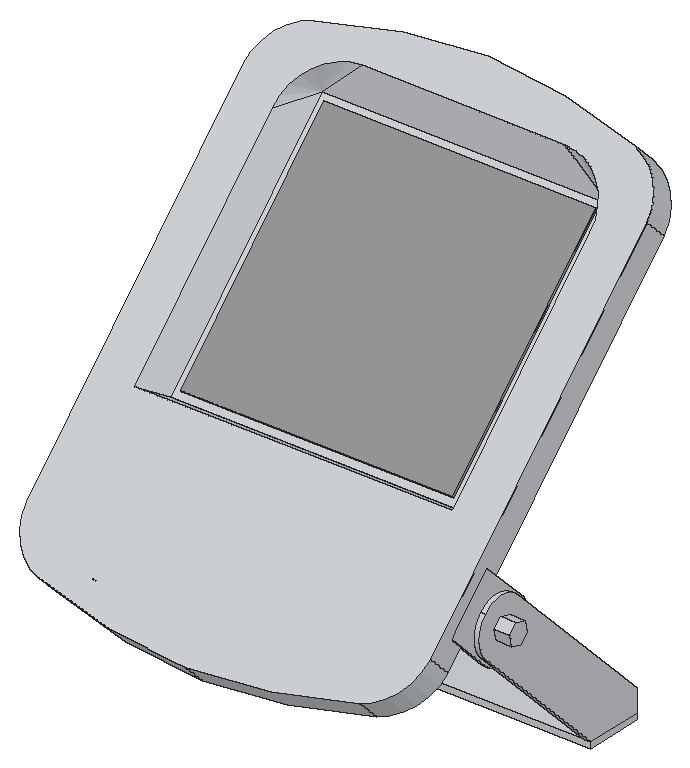
Revit family "0056715", category Generic Models, host Face, Revit 2018
Family settings
  Host = Face
  Can host rebar = No
  Round Connector Dimension = Use Diameter
  Part Type = Normal
  OmniClass Number = 23.80.70.00
  OmniClass Title = Lighting
  Cut with Voids When Loaded = No
  Shared = No
  Room Calculation Point = No
Parameters (values of type "Type Name")
  Width = 40 mm
  URL = "http://www.sylvania-lighting.com"
  Type Image = <None>
  Type Comments = "n/a"
  Material_3_SYL = none
  Model = ""
  Manufacturer = "Feilo Sylvania"
  Length = 313 mm
  Keynote = ""
  Material_2_SYL = none
  Description = ""
  Default Elevation = 1219.2 mm
  Cost = 0
  Material_1_SYL = none
  Assembly Code = ""
  Material_4_SYL = none
Reference planes
  plane 1 "Center (Front/Back)": y = 0
  plane 2: z = 0
  plane 3 "Center (Left/Right)": x = 0
  plane 4: y = 20
  plane 5: y = -20
  plane 6: x = -156.5
  plane 7: x = 156.5
  plane 8: y = 46
  plane 9: z = 200
  plane 10: through (0, -20, 4) normal (0, 0.7071, 0.7071)
  plane 11: through (0, 28.284, 12.284) normal (0, 0.7071, 0.7071)
  plane 12: z = 180
  plane 13: through (0, 7.834, 4.45) normal (0, 0.7071, 0.7071)
  plane 14: through (0, -70.356, 137.359) normal (0, -0.7071, 0.7071)
  plane 15: z = 126
  plane 16: z = 110
  plane 17: through (0, -97.716, 110) normal (0, -0.7071, 0.7071)
  plane 18: through (0, -86.18, 149.82) normal (0, -0.7071, 0.7071)
  plane 19: x = 141
  plane 20: x = -141
Forms (mm)
  Extrusion 1, solid, detail levels medium+fine
    sketch origin (0, 0, 0) x (1, 0, 0) y (0, 1, 0)
      loop
        line (-145, 20) -> (-145, -20) -> (145, -20) -> (145, 20) -> (-145, 20)
    from 0 to 4
  Extrusion 2, solid, detail levels medium+fine
    sketch origin (25.482, 1524, 1219.2) x (0, 1, 0) y (0, 0, 1)
      loop
        arc (-1607.574, -1095.058) -> (-1621.716, -1089.2) -> (-1635.858, -1095.058) r 20
        arc (-1635.858, -1095.058) -> (-1641.716, -1109.2) -> (-1635.858, -1123.342) r 20
        line (-1635.858, -1123.342) -> (-1544, -1215.2) -> (-1504, -1215.2) -> (-1504, -1198.631) -> (-1607.574, -1095.058)
    from -166.482 to -170.482
  Extrusion 3, solid, detail levels fine
    sketch origin (-37.5, 1594, 1149.2) x (0, 1, 0) y (0, 0, 1)
      loop
        line (-1686.059, -1033.543) -> (-1693.786, -1031.473) -> (-1699.443, -1037.129) -> (-1697.373, -1044.857) -> (-1689.645, -1046.927) -> (-1683.988, -1041.271) -> (-1686.059, -1033.543)
    from -119 to -107.5
  Revolve 4, solid, detail levels medium
    sketch origin (1528.249, -97.584, 1149.178) x (1, 0, 0) y (0, 0, 1)
      loop
        line (-1387.261, -1019.2) -> (-1389.823, -1019.2) -> (-1389.823, -1039.2) -> (-1387.261, -1039.2) -> (-1387.261, -1019.2)
      axis (-1389.823, -1039.2) -> (-1387.261, -1039.2)
    angle from 44.646 to 224.921
  Extrusion 5, solid, detail levels medium+fine
    sketch origin (319, 1524, 1219.2) x (0, 1, 0) y (0, 0, 1)
      loop
        arc (-1607.574, -1095.058) -> (-1621.716, -1089.2) -> (-1635.858, -1095.058) r 20
        arc (-1635.858, -1095.058) -> (-1641.716, -1109.2) -> (-1635.858, -1123.342) r 20
        line (-1635.858, -1123.342) -> (-1544, -1215.2) -> (-1504, -1215.2) -> (-1504, -1198.631) -> (-1607.574, -1095.058)
    from -178 to -174
  Extrusion 6, solid, detail levels fine
    sketch origin (286.5, 1594, 1149.2) x (0, 1, 0) y (0, 0, 1)
      loop
        line (-1686.059, -1033.543) -> (-1693.786, -1031.473) -> (-1699.443, -1037.129) -> (-1697.373, -1044.857) -> (-1689.645, -1046.927) -> (-1683.988, -1041.271) -> (-1686.059, -1033.543)
    from -141.5 to -130
  Extrusion 7, solid, detail levels coarse
    sketch origin (0, 0, 0) x (1, 0, 0) y (0, 1, 0)
      loop
        line (-156.5, 20) -> (-156.5, -117.774) -> (156.5, -117.774) -> (156.5, 20) -> (-156.5, 20)
    from 0 to 129.969
Dimensions and locks
  "Width": plane 4 to plane 5
  equal spacing: plane 4, plane 1 "Center (Front/Back)", plane 5
  "Length": plane 6 to plane 7
  equal spacing: plane 6, plane 3 "Center (Left/Right)", plane 7
  aligned and locked: plane 2 to host face
  aligned and locked: level to host face
Automatic sketch dimensions
  host sketch curve to host sketch curve = 2438.4 mm  (x2)
  Extrusion 1 sketch curve to plane 5 = 0 mm
  plane 6 to Extrusion 1 sketch curve = 11.5 mm
  Extrusion 1 sketch curve to plane 7 = 11.5 mm
  Extrusion 1 sketch curve to plane 4 = 0 mm
  Extrusion 2 sketch curve to Extrusion 2 sketch curve = 0 mm  (x2)
  Extrusion 2 sketch curve to plane 10 = 0 mm  (x2)
  Extrusion 2 sketch curve to plane 14 = 0 mm  (x2)
  Extrusion 2 sketch curve to plane 13 = 0 mm  (x2)
  Extrusion 2 sketch curve to plane 18 = 0 mm
  Extrusion 2 sketch curve to plane 5 = 0 mm
  Extrusion 2 sketch curve to plane 4 = 0 mm
  Extrusion 2 sketch curve to plane 11 = 0 mm
  Extrusion 3 sketch curve to plane 14 = 0 mm  (x2)
  plane 16 to Extrusion 3 sketch curve = 2.071 mm
  Extrusion 3 sketch curve to plane 5 = 85.443 mm
  Extrusion 3 sketch curve to plane 16 = 5.657 mm
  plane 16 to Extrusion 3 sketch curve = 7.727 mm
  Extrusion 3 sketch curve to Extrusion 3 sketch curve = 5.657 mm
  Extrusion 3 sketch curve to plane 16 = 7.727 mm
  Extrusion 3 sketch curve to Extrusion 3 sketch curve = 7.727 mm
  plane 16 to Extrusion 3 sketch curve = 5.657 mm
  Extrusion 3 sketch curve to plane 16 = 2.071 mm
  Extrusion 3 sketch curve to Extrusion 3 sketch curve = 2.071 mm
  Revolve 4 sketch curve to plane 7 = 18.074 mm
  Revolve 4 sketch curve to Revolve 4 sketch curve = 2.562 mm
  Revolve 4 sketch curve to plane 12 = 70.022 mm  (x2)
  Revolve 4 sketch curve to plane 9 = 70.022 mm
  Revolve 4 sketch curve to Revolve 4 sketch curve = 10.088 mm
  plane 7 to Revolve 4 sketch curve = 24.576 mm
  Extrusion 5 sketch curve to Extrusion 5 sketch curve = 0 mm  (x2)
  Extrusion 5 sketch curve to plane 10 = 0 mm  (x2)
  Extrusion 5 sketch curve to plane 14 = 0 mm  (x2)
  Extrusion 5 sketch curve to plane 13 = 0 mm  (x2)
  Extrusion 5 sketch curve to plane 18 = 0 mm
  Extrusion 5 sketch curve to plane 5 = 0 mm
  Extrusion 5 sketch curve to plane 4 = 0 mm
  Extrusion 5 sketch curve to plane 11 = 0 mm
  Extrusion 6 sketch curve to plane 14 = 0 mm  (x2)
  plane 16 to Extrusion 6 sketch curve = 2.071 mm
  Extrusion 6 sketch curve to plane 5 = 85.443 mm
  Extrusion 6 sketch curve to plane 16 = 5.657 mm
  plane 16 to Extrusion 6 sketch curve = 7.727 mm
  Extrusion 6 sketch curve to Extrusion 6 sketch curve = 5.657 mm
  Extrusion 6 sketch curve to plane 16 = 7.727 mm
  Extrusion 6 sketch curve to Extrusion 6 sketch curve = 7.727 mm
  plane 16 to Extrusion 6 sketch curve = 5.657 mm
  Extrusion 6 sketch curve to plane 16 = 2.071 mm
  Extrusion 6 sketch curve to Extrusion 6 sketch curve = 2.071 mm
  Extrusion 7 sketch curve to plane 6 = 0 mm
  Extrusion 7 sketch curve to plane 7 = 0 mm
  Extrusion 7 sketch curve to plane 4 = 0 mm
  Extrusion 7 sketch curve to plane 5 = 97.774 mm
Nested families
  nested 1: "0056715 head" at (0, -30.205, 178.193) x (1, 0, 0) z (0, -0.7115, 0.7027), type "0056715 KALANI IP66 21KLM 840 ASYM"
    with built-in parameter 1114216 (empty or 0)
Definition of nested family "0056715 head"
  Parameters (values of type "0056715 KALANI IP66 21KLM 840 ASYM")
    width = 282 mm
    height = 376 mm
    Wattage Comments = "n/a"
    Wattage = 9.2903 W
    built-in parameter 1150110 = 1 (stored number, unit not read)
    URL = "0.95"
    Type Image = (empty or 0)
    Type Comments = "n/a"
    built-in parameter 1114217 = 1 (stored number, unit not read)
    Tilt Angle = 90.00°
    built-in parameter 1150109 = 1 (stored number, unit not read)
    built-in parameter 1150134 = 3
    built-in parameter 1150113 = 1 (stored number, unit not read)
    Photometric Web File = "0056715.IES"
    Material_3_SYL = none
    Model = "Kalani IP66 21KLM 840 ASYM"
    Manufacturer = ""
    built-in parameter 1150105 = 109.82 (stored number, unit not read)
    Lumens = 1380 lm
    built-in parameter 1150115 = 1 (stored number, unit not read)
    built-in parameter 1150137 = (empty or 0)
    built-in parameter 1150139 = (empty or 0)
    built-in parameter 1150112 = 1 (stored number, unit not read)
    built-in parameter 1150114 = 1 (stored number, unit not read)
    Lamp = "n/a"
    Keynote = "n/a"
    Material_2_SYL = none
    built-in parameter 1150132 = (empty or 0)
    built-in parameter 1150102 = (empty or 0)
    built-in parameter 1150107 = 3200 (stored number, unit not read)
    built-in parameter 1150138 = (empty or 0)
    built-in parameter 1150106 = 1.0982 (stored number, unit not read)
    built-in parameter 1150104 = 13.8 (stored number, unit not read)
    Dimming Lamp Color Temperature Shift = (empty or 0)
    Description = "Exterior LED Floodlight, comes complete with 1000mm flying lead and adjustable bracket, aluminium housing, clear glass diffuser, IP66, IK08, Class I, 4000K, CRI80, Non-dimmable, 21900lm, 150W, 146lm/W, Asymmetrical Wide beam, 100.000hrs L70B50 lifespan, 404 x 313 x 73mm (LxWxD) dimensions, 3.7kg weight, RAL9017 Traffic Black color."
    Default Elevation = 1219.2 mm
    Cost = 0
    Color Filter = 16777215
    built-in parameter 1114216 [instance] = (empty or 0)
    Material_1_SYL = none
    built-in parameter 1114218 = 1 (stored number, unit not read)
    built-in parameter 1150133 = 10 (stored number, unit not read)
    Assembly Code = "D5020200"
    Apparent Load = 150 VA
    Material_4_SYL = none
  Reference planes
    plane 1 "Center (Front/Back)": y = 0
    plane 2: z = 0
    plane 3 "Center (Left/Right)": x = 0
    plane 4: z = -29.6
    plane 5: x = -141
    plane 6: x = 141
    plane 7: y = 188
    plane 8: y = -188
    plane 9: z = 43.4
    plane 10: x = -126
    plane 11: x = 126
    plane 12: y = 173
    plane 13: y = -173
    plane 14: y = 158
    plane 15: y = 117
    plane 16: y = 139.6
    plane 17: z = 4.4
    plane 18: y = -53
    plane 19: x = -111
    plane 20: x = 111
    plane 21: x = -100
    plane 22: x = 100
    plane 23: y = 134.6
    plane 24: y = -48
    plane 25: x = -95
    plane 26: y = -43
    plane 27: x = 95
    plane 28: y = -118
    plane 29: y = -74
    plane 30: z = -13.6
    plane 31: z = 13.6
    plane 32: y = -96
    plane 33: z = 33.4
    plane 34: z = -7.6
    plane 35: y = -111
    plane 36: y = -81
    plane 37: z = -15
  Forms (mm)
    Extrusion 1, solid
      sketch origin (4.2, 0, 0) x (1, 0, 0) y (0, 1, 0)
        loop
          line (-1219.2, 1219.2) -> (-1219.2, -1219.2) -> (1219.2, -1219.2) -> (1219.2, 1219.2) -> (-1219.2, 1219.2)
      from 0 to -68.017
    Extrusion 2, solid, detail levels medium+fine
      sketch origin (0, 0, 0) x (1, 0, 0) y (0, 1, 0)
        loop
          line (-141, 134.5) -> (-141, -133.817)
          arc (-141, -133.817) -> (-132.509, -157.027) -> (-112, -170.817) r 40
          arc (-112, -170.817) -> (-56.544, -182.758) -> (0, -187.317) r 431.297
          arc (0, -187.317) -> (56.544, -182.758) -> (112, -170.817) r 431.297
          arc (112, -170.817) -> (132.509, -157.027) -> (141, -133.817) r 40
          line (141, -133.817) -> (141, 134.5)
          arc (141, 134.5) -> (132.509, 157.71) -> (112, 171.5) r 40
          arc (112, 171.5) -> (56.544, 183.441) -> (0, 188) r 431.297
          arc (0, 188) -> (-56.544, 183.441) -> (-112, 171.5) r 431.297
          arc (-112, 171.5) -> (-132.509, 157.71) -> (-141, 134.5) r 40
      from 43.4 to 22.4
    Extrusion 3, solid, detail levels medium+fine
      sketch origin (0, 0, 0) x (1, 0, 0) y (0, 1, 0)
        loop
          line (-126, 117) -> (-126, -116.317)
          arc (-126, -116.317) -> (-115.75, -141.305) -> (-94, -157.317) r 50
          arc (-94, -157.317) -> (-47.535, -168.169) -> (0, -172.317) r 335.382
          arc (0, -172.317) -> (47.535, -168.169) -> (94, -157.317) r 335.382
          arc (94, -157.317) -> (115.75, -141.305) -> (126, -116.317) r 50
          line (126, -116.317) -> (126, 117)
          arc (126, 117) -> (115.75, 141.988) -> (94, 158) r 50
          arc (94, 158) -> (47.535, 168.852) -> (0, 173) r 335.382
          arc (0, 173) -> (-47.535, 168.852) -> (-94, 158) r 335.382
          arc (-94, 158) -> (-115.75, 141.988) -> (-126, 117) r 50
      from 22.4 to -29.6
    Extrusion 4, void
      sketch origin (319, 1524, 1219.2) x (0, 1, 0) y (0, 0, 1)
        loop
          arc (-1351, -1196.8) -> (-1366.504, -1208.02) -> (-1384.4, -1214.8) r 72.626
          arc (-1384.4, -1214.8) -> (-1511.526, -1238.071) -> (-1640.317, -1248.8) r 1320.127
          line (-1640.317, -1248.8) -> (-1351, -1248.8) -> (-1351, -1196.8)
      from -504.943 to 20
    Extrusion 5, void
      sketch origin (319, 1524, 1219.2) x (0, 1, 0) y (0, 0, 1)
        loop
          line (-1696.317, -1196.8) -> (-1698.618, -1196.8) -> (-1698.618, -1251.372) -> (-1640.317, -1251.372) -> (-1640.317, -1248.8)
          arc (-1640.317, -1248.8) -> (-1678.351, -1233.606) -> (-1696.317, -1196.8) r 56.879
      from -464.029 to -128
    Extrusion 6, void
      sketch origin (0, 0, 0) x (1, 0, 0) y (0, 0, 1)
        loop
          line (-66.181, -32.641) -> (-66.181, -29.6)
          arc (-66.181, -29.6) -> (-106.382, -15.439) -> (-126, 22.4) r 57.902
          line (-126, 22.4) -> (-129, 22.4) -> (-129, -32.641) -> (-66.181, -32.641)
      from -236.51 to 190.923
    Extrusion 7, void
      sketch origin (0, 0, 0) x (-1, 0, 0) y (0, 0, -1)
        loop
          line (-66.181, 32.641) -> (-129, 32.641) -> (-129, -22.4) -> (-126, -22.4)
          arc (-126, -22.4) -> (-106.382, 15.439) -> (-66.181, 29.6) r 57.902
          line (-66.181, 29.6) -> (-66.181, 32.641)
      from -236.51 to 190.923
    Blend 8, void
      base sketch origin (0, 0, 0) x (1, 0, 0) y (0, 1, 0)
        loop
          arc (-71, 158) -> (-99.284, 146.284) -> (-111, 118) r 40
          line (-111, 118) -> (-111, -53) -> (111, -53) -> (111, 118)
          arc (111, 118) -> (99.284, 146.284) -> (71, 158) r 40
          line (71, 158) -> (-71, 158)
      top sketch origin (0, 0, 0) x (1, 0, 0) y (0, 1, 0)
        loop
          line (-100, -48) -> (100, -48) -> (100, 139.6) -> (-100, 139.6) -> (-100, -48)
      from 43.4 to 23.4
    Extrusion 9, solid, detail levels fine
      sketch origin (0, 0, 0) x (1, 0, 0) y (0, 1, 0)
        loop
          line (-95, 134.818) -> (-95, -43) -> (95, -43) -> (95, 134.818) -> (-95, 134.818)
      from 23.4 to 25.4
    Extrusion 10, solid, detail levels medium+fine
      sketch origin (319, 1524, 1219.2) x (0, 1, 0) y (0, 0, 1)
        loop
          line (-1598, -1185.8) -> (-1642, -1185.8) -> (-1642, -1226.8)
          arc (-1642, -1226.8) -> (-1635.556, -1242.356) -> (-1620, -1248.8) r 22
          arc (-1620, -1248.8) -> (-1604.444, -1242.356) -> (-1598, -1226.8) r 22
          line (-1598, -1226.8) -> (-1598, -1185.8)
      from -178 to -180
    Extrusion 11, solid, detail levels medium+fine
      sketch origin (-319, 1524, 1219.2) x (0, 1, 0) y (0, 0, -1)
        loop
          line (-1598, 1185.8) -> (-1598, 1226.8)
          arc (-1598, 1226.8) -> (-1604.444, 1242.356) -> (-1620, 1248.8) r 22
          arc (-1620, 1248.8) -> (-1635.556, 1242.356) -> (-1642, 1226.8) r 22
          line (-1642, 1226.8) -> (-1642, 1185.8) -> (-1598, 1185.8)
      from -178 to -180
    Extrusion 12, solid
      sketch origin (319, 1524, 1219.2) x (0, 1, 0) y (0, 0, 1)
        loop
          line (-1605, -1196.8) -> (-1635, -1196.8) -> (-1635, -1219.2)
          arc (-1635, -1219.2) -> (-1630.607, -1229.807) -> (-1620, -1234.2) r 15
          arc (-1620, -1234.2) -> (-1609.393, -1229.807) -> (-1605, -1219.2) r 15
          line (-1605, -1219.2) -> (-1605, -1196.8)
      from -458 to -180
    Extrusion 13, solid, detail levels coarse
      sketch origin (0, 0, 0) x (1, 0, 0) y (0, 1, 0)
        loop
          line (-141, 188) -> (-141, -188) -> (141, -188) -> (141, 188) -> (-141, 188)
      from -29.6 to 43.4
  Cuts and joins
    Extrusion 4, Extrusion 5, Extrusion 6, Extrusion 7, Blend 8 cuts Extrusion 3
    Extrusion 6, Extrusion 7, Blend 8 cuts Extrusion 2
  Dimensions and locks
    "width": plane 5 to plane 6
    equal spacing: plane 5, plane 3 "Center (Left/Right)", plane 6
    "height": plane 7 to plane 8
    equal spacing: plane 7, plane 1 "Center (Front/Back)", plane 8
    aligned and locked: plane 2 to Extrusion 1
    aligned and locked: level to Extrusion 1
  Automatic sketch dimensions
    Extrusion 1 sketch curve to Extrusion 1 sketch curve = 2438.4 mm  (x2)
    Extrusion 2 sketch curve to plane 5 = 0 mm
    Extrusion 2 sketch curve to plane 3 "Center (Left/Right)" = 0 mm  (x2)
    Extrusion 2 sketch curve to plane 6 = 0 mm
    Extrusion 2 sketch curve to plane 7 = 0 mm
    Extrusion 2 sketch curve to plane 21 = 1.027 mm  (x2)
    Extrusion 2 sketch curve to plane 3 "Center (Left/Right)" = 6.317 mm  (x2)
    plane 3 "Center (Left/Right)" to Extrusion 2 sketch curve = 6.317 mm  (x2)
    plane 22 to Extrusion 2 sketch curve = 1.027 mm  (x2)
    Extrusion 2 sketch curve to plane 23 = 0.1 mm  (x2)
    Extrusion 2 sketch curve to plane 23 = 1.565 mm  (x2)
    plane 28 to Extrusion 2 sketch curve = 14.352 mm  (x2)
    plane 28 to Extrusion 2 sketch curve = 15.817 mm  (x2)
    Extrusion 2 sketch curve to plane 8 = 55.25 mm
    Extrusion 2 sketch curve to Extrusion 2 sketch curve = 0 mm  (x3)
    plane 7 to Extrusion 2 sketch curve = 55.933 mm
    Extrusion 3 sketch curve to plane 10 = 0 mm
    Extrusion 3 sketch curve to plane 14 = 0 mm  (x2)
    Extrusion 3 sketch curve to plane 3 "Center (Left/Right)" = 0 mm  (x2)
    Extrusion 3 sketch curve to plane 11 = 0 mm
    Extrusion 3 sketch curve to plane 15 = 0 mm  (x2)
    Extrusion 3 sketch curve to plane 12 = 0 mm
    Extrusion 3 sketch curve to plane 15 = 5.775 mm  (x2)
    Extrusion 3 sketch curve to Extrusion 3 sketch curve = 49.665 mm  (x3)
    Extrusion 3 sketch curve to plane 28 = 7.458 mm  (x2)
    plane 25 to Extrusion 3 sketch curve = 18.665 mm
    Extrusion 3 sketch curve to plane 3 "Center (Left/Right)" = 5.315 mm  (x2)
    plane 3 "Center (Left/Right)" to Extrusion 3 sketch curve = 5.315 mm  (x2)
    Extrusion 3 sketch curve to plane 28 = 1.683 mm  (x2)
    plane 14 to Extrusion 3 sketch curve = 5.022 mm  (x2)
    plane 25 to Extrusion 3 sketch curve = 1 mm
    Extrusion 4 sketch curve to plane 4 = 0 mm
    Extrusion 4 sketch curve to plane 16 = 0 mm  (x2)
    Extrusion 4 sketch curve to plane 12 = 0 mm
    Extrusion 4 sketch curve to plane 17 = 0 mm
    plane 15 to Extrusion 4 sketch curve = 6.042 mm
    Extrusion 4 sketch curve to plane 28 = 1.683 mm
    plane 13 to Extrusion 4 sketch curve = 11.616 mm
    Extrusion 5 sketch curve to plane 4 = 0 mm
    Extrusion 5 sketch curve to plane 13 = 1.618 mm
    plane 13 to Extrusion 5 sketch curve = 0.683 mm
    Extrusion 5 sketch curve to plane 28 = 1.683 mm
    Extrusion 5 sketch curve to plane 28 = 2.352 mm
    Extrusion 5 sketch curve to Extrusion 5 sketch curve = 2.572 mm
    plane 31 to Extrusion 5 sketch curve = 8.8 mm
    Extrusion 6 sketch curve to plane 10 = 0 mm
    Extrusion 6 sketch curve to plane 4 = 0 mm
    Extrusion 6 sketch curve to plane 10 = 3 mm
    Extrusion 6 sketch curve to plane 33 = 5.14 mm
    Extrusion 6 sketch curve to Extrusion 6 sketch curve = 57.605 mm
    Extrusion 6 sketch curve to plane 4 = 3.041 mm
    plane 25 to Extrusion 6 sketch curve = 28.819 mm
    Extrusion 7 sketch curve to plane 11 = 0 mm
    Extrusion 7 sketch curve to plane 4 = 0 mm
    Extrusion 7 sketch curve to plane 11 = 3 mm
    plane 33 to Extrusion 7 sketch curve = 5.14 mm
    Extrusion 7 sketch curve to Extrusion 7 sketch curve = 57.605 mm
    plane 4 to Extrusion 7 sketch curve = 3.041 mm
    plane 27 to Extrusion 7 sketch curve = 28.819 mm
    Blend 8 sketch curve to plane 18 = 0 mm
    Blend 8 sketch curve to plane 19 = 0 mm
    Blend 8 sketch curve to plane 14 = 0 mm
    Blend 8 sketch curve to plane 20 = 0 mm
    plane 15 to Blend 8 sketch curve = 1 mm
    Blend 8 sketch curve to plane 27 = 24 mm
    plane 16 to Blend 8 sketch curve = 0 mm
    Blend 8 sketch curve to plane 21 = 0 mm
    Blend 8 sketch curve to plane 22 = 0 mm
    Blend 8 sketch curve to plane 24 = 0 mm
    Extrusion 9 sketch curve to plane 25 = 0 mm
    Extrusion 9 sketch curve to plane 26 = 0 mm
    Extrusion 9 sketch curve to plane 27 = 0 mm
    plane 23 to Extrusion 9 sketch curve = 0.218 mm
    Extrusion 10 sketch curve to Extrusion 10 sketch curve = 0 mm  (x2)
    Extrusion 10 sketch curve to plane 28 = 0 mm
    Extrusion 10 sketch curve to plane 32 = 0 mm
    Extrusion 10 sketch curve to plane 4 = 0 mm
    Extrusion 10 sketch curve to plane 33 = 0 mm
    Extrusion 11 sketch curve to Extrusion 11 sketch curve = 0 mm  (x2)
    Extrusion 11 sketch curve to plane 28 = 0 mm
    Extrusion 11 sketch curve to plane 32 = 0 mm
    Extrusion 11 sketch curve to plane 33 = 0 mm
    Extrusion 11 sketch curve to plane 34 = 0 mm
    Extrusion 12 sketch curve to Extrusion 12 sketch curve = 0 mm
    Extrusion 12 sketch curve to level = 0 mm
    Extrusion 12 sketch curve to plane 32 = 0 mm
    Extrusion 12 sketch curve to plane 36 = 0 mm
    plane 31 to Extrusion 12 sketch curve = 8.8 mm
    Extrusion 13 sketch curve to plane 5 = 0 mm
    Extrusion 13 sketch curve to plane 6 = 0 mm
    Extrusion 13 sketch curve to plane 8 = 0 mm
    Extrusion 13 sketch curve to plane 7 = 0 mm
  Connectors
    electrical at (0, 0, 0), driven by "Apparent Load"
      settings: index 1, voltage 230 V, apparent load 150 VA, apparent load phase1 0 VA, apparent load phase2 0 VA, apparent load phase3 0 VA, power factor 0, load classification none, number of poles 1, system type 30, power factor state 1, is connector primary yes, connector utility no, sub classification motor no, connector description ""
